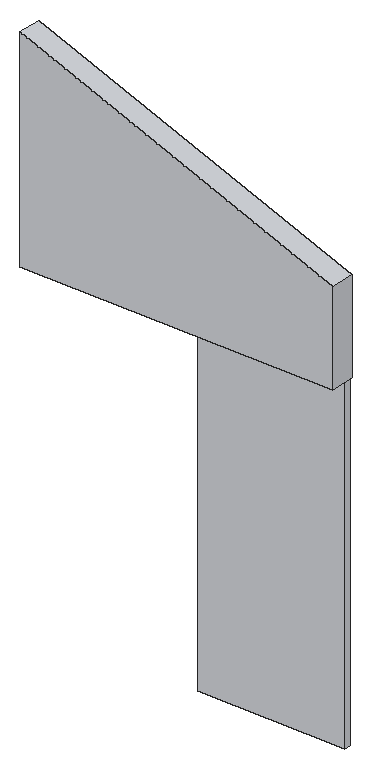
Revit family "EXP_WT-2_CPan-012", category Curtain Panels, Revit 2021
Family settings
  OmniClass Number = 23.25.20.14.11.11.17
  OmniClass Title = Infill Panels
  Always vertical = Yes
  Cut with Voids When Loaded = No
  Shared = No
Parameters
  UI-UnitNumber [instance] = "001"
  UI-Quadrant [instance] = "SE"
  UI-ProjectAbbreviation = "NEU"
  UI-ItemCategory = "PID"
  UI-FloorNumber [instance] = "03"
  PNT-WallType = "WT2"
  PNT-ProjectAbbreviation = "NEU"
  PNT-PanelType [instance] = "01"
  PNT-ItemCategory = "PNL"
  HModSX [instance] = 3' - 3"
  HModDX [instance] = 7' - 5"
  GlassSPH2(x2) [instance] = 0' - 2 3/16"
  GlassH2 [instance] = none
  GlassH1 [instance] = none
  DistanceAxis = 1' - 6"
  Define Thermal Properties by = Schematic Type
  CellSxH1 [instance] = HModSX  # 3' - 3"
  CellSxH [instance] = CellSxH1 + CellH2  # 15' - 0"
  CellSp = 0' - 10 3/16"
  CellLDoor [instance] = 5' - 4"
  CellL [instance] = 11' - 0"
  CellH2 [instance] = 11' - 9"
  CellH [instance] = 11' - 9"
  CellDxH1 [instance] = HModDX  # 7' - 5"
  CellDxH [instance] = CellDxH1 + CellH2  # 19' - 2"
  CellAngle [instance] = 45.00°
  AncleTrapezoid [instance] = 118.523°
  Analytic Construction = "<None>"
Reference planes (in)
  plane 1 "Center (Front/Back)": y = 0
  plane 2: z = 0
  plane 3 "Center (Left/Right)": x = 0
  plane 4 "Left": x = -66
  plane 5 "Right": x = 66
  plane 6 "Top": z = 141
  plane 7: y = -10.1875
  plane 8: z = 180
  plane 9: z = 230
  plane 10: x = 2
Forms (in)
  Extrusion 1, solid, material <- "GlassH1"
    sketch origin (0, 0, 0) x (1, 0, 0) y (0, 0, 1)
      loop
        line (66, 180) -> (-66, 230) -> (-66, 141) -> (66, 141) -> (66, 180)
    from 0 to 10.1875
  Extrusion 2, solid, material <- "GlassH2", detail levels coarse+medium
    sketch origin (0, 0, 0) x (1, 0, 0) y (0, 0, 1)
      loop
        line (66, 141) -> (2, 141) -> (2, 0) -> (66, 0) -> (66, 141)
    from 0 to 10.1875
Text (in)
  text "Exterior" at (-92.59733, 55.75508, 0), in view "Ref. Level"
  text "Exterior" at (0, 90.18664, 173.49264), in view "Left"
  text "Exterior" at (0, 52.29083, 162.21847), in view "Right"
Dimensions and locks (in)
  equal spacing: plane 4 "Left", plane 3 "Center (Left/Right)", plane 5 "Right"  (x2)
  "CellL": plane 4 "Left" to plane 5 "Right"
  "CellSp": plane 7 to plane 1 "Center (Front/Back)"
  "CellH": plane 2 to plane 6 "Top"
  "CellH2": plane 2 to plane 6 "Top"
  "HModSX": plane 6 "Top" to plane 8
  "HModDX": plane 6 "Top" to plane 9
  "CellLDoor": plane 10 to plane 5 "Right"
  aligned and locked: level to plane 2
  aligned and locked: plane 5 "Right" to Extrusion 1 sketch curve
  aligned and locked: plane 6 "Top" to Extrusion 1 sketch curve
  aligned and locked: Extrusion 1 sketch curve to plane 4 "Left"
  aligned and locked: Extrusion 1 to plane 7
  aligned and locked: plane 5 "Right" to Extrusion 2 sketch curve
  aligned and locked: plane 2 to Extrusion 2 sketch curve
  aligned and locked: plane 10 to Extrusion 2 sketch curve
  aligned and locked: plane 6 "Top" to Extrusion 2 sketch curve
  aligned and locked: Extrusion 2 to plane 7
  aligned and locked: Extrusion 2 to plane 1 "Center (Front/Back)"
  aligned and locked: plane 1 "Center (Front/Back)" to nested 1
  aligned and locked: nested 1 to plane 6 "Top"
  aligned and locked: plane 2 to nested 1
  aligned and locked: plane 5 "Right" to nested 1
  aligned and locked: nested 1 to plane 10
Automatic sketch dimensions
  Extrusion 1 sketch curve to plane 8 = 0' - 0"
  Extrusion 1 sketch curve to plane 9 = 0' - 0"
Nested families (in)
  nested 1: "EXP_WT-1x_IG-001" at (34, 0, 70.5), MaterialGlass <- "GlassH2", GlassSP <- "GlassSPH2(x2)", type "GlassSP = H2(x2)", detail levels fine
    with MaterialGlass none, GlassSP 0' - 2 3/16", GlassL 5' - 2.12598", GlassH 11' - 7.06299", CellL 5' - 4", CellH 11' - 9"
Definition of nested family "EXP_WT-1x_IG-001"
  Parameters (values of type "H2 _ GlassSP = 1 1/4"")
    MaterialGlass [instance] = none
    GlassSP [instance] = 0' - 1 1/4"
    GlassL [instance] = CellL - (GlassD1 + GlassD3)  # 3' - 10.94439"
    GlassH [instance] = CellH - (GlassD2 + GlassD4)  # 6' - 6.64788"
    GlassD4 = 0' - 1.43701"
    GlassD3 = 0' - 0.93701"
    GlassD2 = 0' - 0 1/2"
    GlassD1 = 0' - 0 15/16"
    GMPI-ProjectAbbreviation = "NEU"
    GMPI-IteamCategory = "GLS"
    Default Elevation = 0' - 0"
    CellL [instance] = 4' - 0.8189"
    CellH [instance] = 6' - 8.58489"
  Types (12): name | GlassSP | GlassL | GlassH | GlassD4 | GlassD2 | GlassD1
    H2(x2) _ GlassSP = 2 1/8" | 0' - 2.12598" | 3' - 10.94488" | 6' - 6.64788" | 0' - 1.43701" | 0' - 0 1/2" | 0' - 0.93701"
    H1 _ GlassSP = 1 1/4" | 0' - 1 1/4" | 3' - 10.94439" | 6' - 6.89739" | 0' - 0 1/4" | 0' - 1 7/16" | 0' - 0 15/16"
    H2(x3) _ GlassSP = 2 1/8" | 0' - 2.12598" | 3' - 10.94488" | 6' - 7.83489" | 0' - 0 1/4" | 0' - 0 1/2" | 0' - 0.93701"
    H3 _ GlassSP = 1 1/4" | 0' - 1 1/4" | 3' - 10.94439" | 6' - 6.64788" | 0' - 1.43701" | 0' - 0 1/2" | 0' - 0 15/16"
    H _ GlassSP = 2 1/8" | 0' - 2.12598" | 3' - 10.94488" | 6' - 5.71088" | 0' - 1.43701" | 0' - 1.43701" | 0' - 0.93701"
    H _ GlassSP = 1 1/4" | 0' - 1 1/4" | 3' - 10.94439" | 6' - 5.71088" | 0' - 1.43701" | 0' - 1.43701" | 0' - 0 15/16"
    H2 _ GlassSP = 1 1/4" | 0' - 1 1/4" | 3' - 10.94439" | 6' - 6.64788" | 0' - 1.43701" | 0' - 0 1/2" | 0' - 0 15/16"
    GlassSP = H | 0' - 1 1/4" | 3' - 10.94439" | 6' - 5.71088" | 0' - 1.43701" | 0' - 1.43701" | 0' - 0 15/16"
    GlassSP = H3 | 0' - 1 1/4" | 3' - 10.94439" | 6' - 6.64788" | 0' - 1.43701" | 0' - 0 1/2" | 0' - 0 15/16"
    GlassSP = H2(x3) | 0' - 2.12598" | 3' - 10.94488" | 6' - 7.83489" | 0' - 0 1/4" | 0' - 0 1/2" | 0' - 0.93701"
    GlassSP = H2(x2) | 0' - 2.12598" | 3' - 10.94488" | 6' - 6.64788" | 0' - 1.43701" | 0' - 0 1/2" | 0' - 0.93701"
    GlassSP = H1 | 0' - 1 1/4" | 3' - 10.94439" | 6' - 6.89739" | 0' - 0 1/4" | 0' - 1 7/16" | 0' - 0 15/16"
  Reference planes (in)
    plane 1 "Center (Front/Back)": y = 0
    plane 2: z = 0
    plane 3 "Center (Left/Right)": x = 0
    plane 4: x = -24.40945
    plane 5: x = 24.40945
    plane 6: z = 40.29245
    plane 7: x = -23.47195
    plane 8: x = 23.47244
    plane 9: z = -40.29245
    plane 10: z = 39.79245
    plane 11: z = -38.85544
  Forms (in)
    Extrusion 1, solid, material <- "MaterialGlass"
      sketch origin (0, 0, 0) x (1, 0, 0) y (0, 0, 1)
        loop
          line (-23.47195, -38.85544) -> (23.47244, -38.85544) -> (23.47244, 39.79245) -> (-23.47195, 39.79245) -> (-23.47195, -38.85544)
      from 0 to 1.25 <- "GlassSP"
  Dimensions and locks (in)
    equal spacing: plane 6, level, plane 9
    "CellH": plane 6 to plane 9
    "GlassD2": plane 6 to plane 10
    "GlassD4": plane 11 to plane 9
    equal spacing: plane 4, plane 3 "Center (Left/Right)", plane 5
    "CellL": plane 4 to plane 5
    "GlassD1": plane 4 to plane 7
    "GlassD3": plane 5 to plane 8
    aligned and locked: level to plane 2
    aligned and locked: Extrusion 1 sketch curve to plane 11
    aligned and locked: Extrusion 1 sketch curve to plane 7
    aligned and locked: plane 10 to Extrusion 1 sketch curve
    aligned and locked: plane 8 to Extrusion 1 sketch curve
